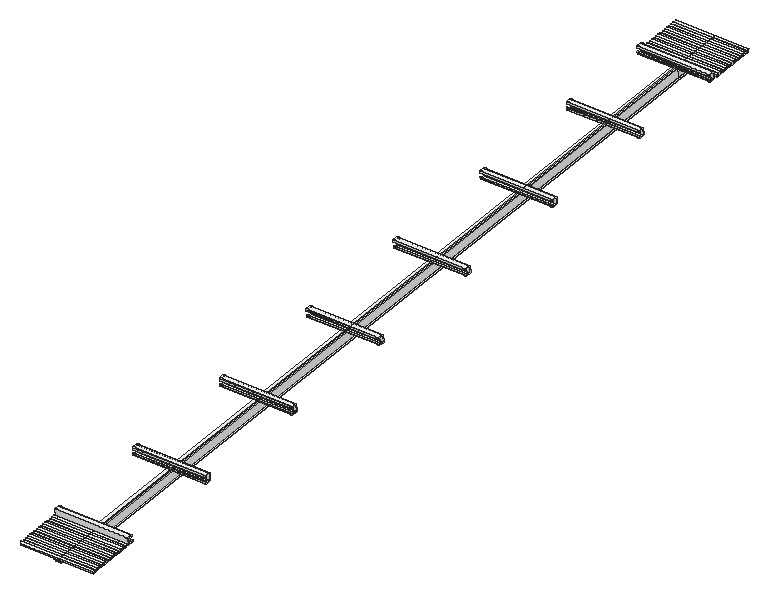
Revit family "STC_A3-Steel-I-beam-truss", category Generic Models, Revit 2016
Family settings
  Part Type = Undefined
  Can host rebar = No
  Round Connector Dimension = Use Diameter
  Work Plane-Based = No
  Always vertical = Yes
  Cut with Voids When Loaded = No
  Shared = No
  Room Calculation Point = No
Parameters (values of type "Steel I-beam truss")
  Tail Offset = 500 mm
  Nose Offset = 500 mm
  Batton Right = 400 mm
  Batton Left = 400 mm
  Assembly Code = ""
Types (2, lengths in mm): name | Batton Left
  Steel I-beam truss | 400
  Steel I-beam truss 2 | 200
Reference planes
  plane 1 "Center (Front/Back)": through (0, 3403.746, 5470.342) normal (0, 0.1305, -0.9914)
  plane 2: z = 0
  plane 3 "Center (Left/Right)": x = 0
  plane 4: through (-27.5, -3549.42, 4655.803) normal (0, 0.9914, 0.1305)
  plane 5 "Nose": through (-427.5, 4299.285, 7101.185) normal (0, 0.9914, 0.1305)
  plane 6 "Tail": through (-427.5, -3729.678, 6044.152) normal (0, 0.9914, 0.1305)
  plane 7: x = 0
  plane 8: through (-427.5, -4225.894, 5982.634) normal (0, 0.9914, 0.1305)
  plane 9: through (-427.5, 4795.007, 7166.448) normal (0, 0.9914, 0.1305)
  plane 10: x = 400
  plane 11: x = -400
  plane 12: through (-427.5, 2119.997, 6799.664) normal (0, 0.9914, 0.1305)
  plane 13: through (-427.5, 930.263, 6643.032) normal (0, 0.9914, 0.1305)
  plane 14: through (-427.5, -259.21, 6484.418) normal (0, 0.9914, 0.1305)
  plane 15: through (-427.5, -1449.204, 6329.77) normal (0, 0.9914, 0.1305)
  plane 16: through (-427.5, -2638.938, 6173.138) normal (0, 0.9914, 0.1305)
  plane 17: through (-427.5, 3309.731, 6956.295) normal (0, 0.9914, 0.1305)
Forms (mm)
  Extrusion 1, solid, material "Metal - Steel"
    sketch origin (0, 3403.746, 5470.342) x (1, 0, 0) y (0, -0.130526, 0.991445)
      loop
        line (-27.5, -60) -> (-27.5, -63) -> (27.5, -63) -> (27.5, -60) -> (4, -60)
        arc (4, -60) -> (2.232, -59.268) -> (1.5, -57.5) r 2.5
        line (1.5, -57.5) -> (1.5, 57.5)
        arc (1.5, 57.5) -> (2.232, 59.268) -> (4, 60) r 2.5
        line (4, 60) -> (27.5, 60) -> (27.5, 65) -> (-27.5, 65) -> (-27.5, 60) -> (-4, 60)
        arc (-4, 60) -> (-2.232, 59.268) -> (-1.5, 57.5) r 2.5
        line (-1.5, 57.5) -> (-1.5, -57.5)
        arc (-1.5, -57.5) -> (-2.232, -59.268) -> (-4, -60) r 2.5
        line (-4, -60) -> (-27.5, -60)
    from -1100.745 to 7000
  Extrusion 2, solid, material "Metal - Steel"
    sketch origin (0, 552.532, 556.142) x (0, 0.991445, 0.130526) y (0, -0.130526, 0.991445)
      loop
        line (4566.999, 4641.001) -> (4566.999, 4568.918)
        arc (4566.999, 4568.918) -> (4566.426, 4567.574) -> (4565.082, 4567.001) r 1.959
        line (4565.082, 4567.001) -> (4518.469, 4567.001)
        arc (4518.469, 4567.001) -> (4517.079, 4567.572) -> (4516.493, 4568.956) r 1.976
        line (4516.493, 4568.956) -> (4516.493, 4587.5) -> (4514.499, 4587.5) -> (4514.499, 4566.957)
        arc (4514.499, 4566.957) -> (4515.078, 4565.579) -> (4516.456, 4565) r 1.979
        line (4516.456, 4565) -> (4567.082, 4565)
        arc (4567.082, 4565) -> (4568.426, 4565.573) -> (4568.999, 4566.917) r 1.959
        line (4568.999, 4566.917) -> (4568.999, 4643.001)
        arc (4568.999, 4643.001) -> (4568.403, 4644.406) -> (4566.998, 4645.003) r 2.036
        line (4566.998, 4645.003) -> (4516.49, 4645.003)
        arc (4516.49, 4645.003) -> (4515.085, 4644.421) -> (4514.503, 4643.015) r 1.987
        line (4514.503, 4643.015) -> (4514.503, 4622.97) -> (4516.502, 4622.97) -> (4516.502, 4641.015)
        arc (4516.502, 4641.015) -> (4517.084, 4642.42) -> (4518.489, 4643.002) r 1.988
        line (4518.489, 4643.002) -> (4564.998, 4643.002)
        arc (4564.998, 4643.002) -> (4566.403, 4642.406) -> (4566.999, 4641.001) r 2.036
    from -400 to 400
  Extrusion 3, void
    sketch origin (0, -2883.965, -379.681) x (-1, 0, 0) y (0, -0.130526, 0.991445)
      loop
        line (4, 5039.264) -> (27.5, 5039.264) -> (27.5, 5044.264) -> (-27.5, 5044.264) -> (-27.5, 5039.264) -> (-4, 5039.264)
        arc (-4, 5039.264) -> (-2.232, 5038.532) -> (-1.5, 5036.764) r 2.5
        line (-1.5, 5036.764) -> (-1.5, 4921.764)
        arc (-1.5, 4921.764) -> (-2.232, 4919.996) -> (-4, 4919.264) r 2.5
        line (-4, 4919.264) -> (-27.5, 4919.264) -> (-27.5, 4916.264) -> (27.5, 4916.264) -> (27.5, 4919.264) -> (4, 4919.264)
        arc (4, 4919.264) -> (2.232, 4919.996) -> (1.5, 4921.764) r 2.5
        line (1.5, 4921.764) -> (1.5, 5036.764)
        arc (1.5, 5036.764) -> (2.232, 5038.532) -> (4, 5039.264) r 2.5
    from 0 to -413.71
  Extrusion 4, solid, material "Metal - Steel"
    sketch origin (0, -2883.965, -379.681) x (-1, 0, 0) y (0, -0.130526, 0.991445)
      loop
        line (4, 5039.264) -> (27.5, 5039.264) -> (27.5, 5044.264) -> (-27.5, 5044.264) -> (-27.5, 5039.264) -> (-4, 5039.264)
        arc (-4, 5039.264) -> (-2.232, 5038.532) -> (-1.5, 5036.764) r 2.5
        line (-1.5, 5036.764) -> (-1.5, 4921.764)
        arc (-1.5, 4921.764) -> (-2.232, 4919.996) -> (-4, 4919.264) r 2.5
        line (-4, 4919.264) -> (-27.5, 4919.264) -> (-27.5, 4916.264) -> (27.5, 4916.264) -> (27.5, 4919.264) -> (4, 4919.264)
        arc (4, 4919.264) -> (2.232, 4919.996) -> (1.5, 4921.764) r 2.5
        line (1.5, 4921.764) -> (1.5, 5036.764)
        arc (1.5, 5036.764) -> (2.232, 5038.532) -> (4, 5039.264) r 2.5
    from -500 to 0
  Extrusion 5, void
    sketch origin (0, 552.532, 556.142) x (0, 0.991445, 0.130526) y (0, -0.130526, 0.991445)
      loop
        line (-3687.224, 4401.031) -> (-3746.996, 4493.072) -> (-3966.277, 4493.072) -> (-4034.194, 4560) -> (-4166.746, 4560) -> (-4166.746, 4377.343) -> (-3687.224, 4401.031)
    from -290.85 to 250
  Extrusion 6, solid, material "Metal - Steel"
    sketch origin (0, 5144.998, 677.352) x (-1, 0, 0) y (0, -0.130526, 0.991445)
      loop
        arc (-4, 5039.264) -> (-2.232, 5038.532) -> (-1.5, 5036.764) r 2.5
        line (-1.5, 5036.764) -> (-1.5, 4921.764)
        arc (-1.5, 4921.764) -> (-2.232, 4919.996) -> (-4, 4919.264) r 2.5
        line (-4, 4919.264) -> (-27.5, 4919.264) -> (-27.5, 4916.264) -> (27.5, 4916.264) -> (27.5, 4919.264) -> (4, 4919.264)
        arc (4, 4919.264) -> (2.232, 4919.996) -> (1.5, 4921.764) r 2.5
        line (1.5, 4921.764) -> (1.5, 5036.764)
        arc (1.5, 5036.764) -> (2.232, 5038.532) -> (4, 5039.264) r 2.5
        line (4, 5039.264) -> (27.5, 5039.264) -> (27.5, 5044.264) -> (-27.5, 5044.264) -> (-27.5, 5039.264) -> (-4, 5039.264)
    from 0.001 to 500
  Extrusion 7, void
    sketch origin (0, 552.532, 556.142) x (0, 0.991445, 0.130526) y (0, -0.130526, 0.991445)
      loop
        line (4681.521, 4365.29) -> (4681.521, 4336.254) -> (5280.699, 4304.853) -> (5280.699, 4584.853) -> (5097.256, 4584.853) -> (5012.403, 4500) -> (4775.846, 4500) -> (4681.521, 4365.29)
    from -250 to 250
  Extrusion 8, solid, material "Metal - Steel"
    sketch origin (0, -24.786, -3.263) x (0, 1, 0) y (0, 0, 1)
      loop
        line (-4003.61, 4560.706) -> (-4000.636, 4561.097) -> (-4002.616, 4576.139) -> (-3992.285, 4589.603) -> (-3992.654, 4592.407) -> (-4005.568, 4575.577) -> (-4003.61, 4560.706)
      loop
        line (-3973.867, 4564.622) -> (-3970.892, 4565.013) -> (-3972.873, 4580.055) -> (-3962.542, 4593.519) -> (-3962.911, 4596.323) -> (-3975.825, 4579.493) -> (-3973.867, 4564.622)
      loop
        line (-3944.123, 4568.537) -> (-3941.149, 4568.929) -> (-3943.129, 4583.971) -> (-3932.798, 4597.434) -> (-3933.167, 4600.239) -> (-3946.081, 4583.409) -> (-3944.123, 4568.537)
      loop
        line (-3914.38, 4572.453) -> (-3911.406, 4572.845) -> (-3913.386, 4587.886) -> (-3903.055, 4601.35) -> (-3903.424, 4604.154) -> (-3916.338, 4587.325) -> (-3914.38, 4572.453)
      loop
        line (-3884.637, 4576.369) -> (-3881.662, 4576.76) -> (-3883.643, 4591.802) -> (-3873.312, 4605.266) -> (-3873.681, 4608.07) -> (-3886.595, 4591.241) -> (-3884.637, 4576.369)
      loop
        line (-3854.893, 4580.285) -> (-3851.919, 4580.676) -> (-3853.899, 4595.718) -> (-3843.568, 4609.182) -> (-3843.937, 4611.986) -> (-3856.851, 4595.156) -> (-3854.893, 4580.285)
      loop
        line (-3825.15, 4584.2) -> (-3822.176, 4584.592) -> (-3824.156, 4599.634) -> (-3813.825, 4613.097) -> (-3814.194, 4615.902) -> (-3827.108, 4599.072) -> (-3825.15, 4584.2)
      loop
        line (-3795.407, 4588.116) -> (-3792.432, 4588.508) -> (-3794.413, 4603.55) -> (-3784.082, 4617.013) -> (-3784.451, 4619.817) -> (-3797.365, 4602.988) -> (-3795.407, 4588.116)
      loop
        line (-3765.663, 4592.032) -> (-3762.689, 4592.424) -> (-3764.669, 4607.465) -> (-3754.338, 4620.929) -> (-3754.707, 4623.733) -> (-3767.621, 4606.904) -> (-3765.663, 4592.032)
      loop
        line (-3735.92, 4595.948) -> (-3732.946, 4596.339) -> (-3734.926, 4611.381) -> (-3724.595, 4624.845) -> (-3724.964, 4627.649) -> (-3737.878, 4610.819) -> (-3735.92, 4595.948)
      loop
        line (-3706.177, 4599.864) -> (-3703.202, 4600.255) -> (-3705.183, 4615.297) -> (-3694.852, 4628.761) -> (-3695.221, 4631.565) -> (-3708.134, 4614.735) -> (-3706.177, 4599.864)
      loop
        line (-3676.433, 4603.779) -> (-3673.459, 4604.171) -> (-3675.439, 4619.213) -> (-3665.108, 4632.676) -> (-3665.477, 4635.481) -> (-3678.391, 4618.651) -> (-3676.433, 4603.779)
      loop
        line (-3646.69, 4607.695) -> (-3643.716, 4608.087) -> (-3645.696, 4623.129) -> (-3635.365, 4636.592) -> (-3635.734, 4639.396) -> (-3648.648, 4622.567) -> (-3646.69, 4607.695)
      loop
        line (-3616.947, 4611.611) -> (-3613.972, 4612.003) -> (-3615.953, 4627.044) -> (-3605.621, 4640.508) -> (-3605.991, 4643.312) -> (-3618.904, 4626.483) -> (-3616.947, 4611.611)
      loop
        line (-3587.203, 4615.527) -> (-3584.229, 4615.918) -> (-3586.209, 4630.96) -> (-3575.878, 4644.424) -> (-3576.247, 4647.228) -> (-3589.161, 4630.398) -> (-3587.203, 4615.527)
      loop
        line (-3557.46, 4619.443) -> (-3554.486, 4619.834) -> (-3556.466, 4634.876) -> (-3546.135, 4648.34) -> (-3546.504, 4651.144) -> (-3559.418, 4634.314) -> (-3557.46, 4619.443)
    from -400 to 400
  Extrusion 9, solid, material "Metal - Steel"
    sketch origin (0, -510.276, 416.055) x (0, 0.991445, 0.130526) y (0, -0.130526, 0.991445)
      loop
        line (3466.254, 4641.001) -> (3466.254, 4568.918)
        arc (3466.254, 4568.918) -> (3465.681, 4567.574) -> (3464.337, 4567.001) r 1.959
        line (3464.337, 4567.001) -> (3417.724, 4567.001)
        arc (3417.724, 4567.001) -> (3416.335, 4567.572) -> (3415.749, 4568.956) r 1.976
        line (3415.749, 4568.956) -> (3415.749, 4587.5) -> (3413.754, 4587.5) -> (3413.754, 4566.957)
        arc (3413.754, 4566.957) -> (3414.333, 4565.579) -> (3415.711, 4565) r 1.979
        line (3415.711, 4565) -> (3466.337, 4565)
        arc (3466.337, 4565) -> (3467.681, 4565.573) -> (3468.255, 4566.917) r 1.959
        line (3468.255, 4566.917) -> (3468.255, 4643.001)
        arc (3468.255, 4643.001) -> (3467.659, 4644.406) -> (3466.254, 4645.003) r 2.036
        line (3466.254, 4645.003) -> (3415.746, 4645.003)
        arc (3415.746, 4645.003) -> (3414.34, 4644.421) -> (3413.758, 4643.015) r 1.987
        line (3413.758, 4643.015) -> (3413.758, 4622.97) -> (3415.757, 4622.97) -> (3415.757, 4641.015)
        arc (3415.757, 4641.015) -> (3416.339, 4642.42) -> (3417.745, 4643.002) r 1.988
        line (3417.745, 4643.002) -> (3464.254, 4643.002)
        arc (3464.254, 4643.002) -> (3465.659, 4642.406) -> (3466.254, 4641.001) r 2.036
    from -400 to 400
  Extrusion 10, solid, material "Metal - Steel"
    sketch origin (0, -1700.032, 259.586) x (0, 0.991445, 0.130526) y (0, -0.130526, 0.991445)
      loop
        line (3466.254, 4641.001) -> (3466.254, 4568.918)
        arc (3466.254, 4568.918) -> (3465.681, 4567.574) -> (3464.337, 4567.001) r 1.959
        line (3464.337, 4567.001) -> (3417.724, 4567.001)
        arc (3417.724, 4567.001) -> (3416.335, 4567.572) -> (3415.749, 4568.956) r 1.976
        line (3415.749, 4568.956) -> (3415.749, 4587.5) -> (3413.754, 4587.5) -> (3413.754, 4566.957)
        arc (3413.754, 4566.957) -> (3414.333, 4565.579) -> (3415.711, 4565) r 1.979
        line (3415.711, 4565) -> (3466.337, 4565)
        arc (3466.337, 4565) -> (3467.681, 4565.573) -> (3468.255, 4566.917) r 1.959
        line (3468.255, 4566.917) -> (3468.255, 4643.001)
        arc (3468.255, 4643.001) -> (3467.659, 4644.406) -> (3466.254, 4645.003) r 2.036
        line (3466.254, 4645.003) -> (3415.746, 4645.003)
        arc (3415.746, 4645.003) -> (3414.34, 4644.421) -> (3413.758, 4643.015) r 1.987
        line (3413.758, 4643.015) -> (3413.758, 4622.97) -> (3415.757, 4622.97) -> (3415.757, 4641.015)
        arc (3415.757, 4641.015) -> (3416.339, 4642.42) -> (3417.745, 4643.002) r 1.988
        line (3417.745, 4643.002) -> (3464.254, 4643.002)
        arc (3464.254, 4643.002) -> (3465.659, 4642.406) -> (3466.254, 4641.001) r 2.036
    from -400 to 400
  Extrusion 11, solid, material "Metal - Steel"
    sketch origin (0, -2889.766, 102.955) x (0, 0.991445, 0.130526) y (0, -0.130526, 0.991445)
      loop
        line (3466.254, 4641.001) -> (3466.254, 4568.918)
        arc (3466.254, 4568.918) -> (3465.681, 4567.574) -> (3464.337, 4567.001) r 1.959
        line (3464.337, 4567.001) -> (3417.724, 4567.001)
        arc (3417.724, 4567.001) -> (3416.335, 4567.572) -> (3415.749, 4568.956) r 1.976
        line (3415.749, 4568.956) -> (3415.749, 4587.5) -> (3413.754, 4587.5) -> (3413.754, 4566.957)
        arc (3413.754, 4566.957) -> (3414.333, 4565.579) -> (3415.711, 4565) r 1.979
        line (3415.711, 4565) -> (3466.337, 4565)
        arc (3466.337, 4565) -> (3467.681, 4565.573) -> (3468.255, 4566.917) r 1.959
        line (3468.255, 4566.917) -> (3468.255, 4643.001)
        arc (3468.255, 4643.001) -> (3467.659, 4644.406) -> (3466.254, 4645.003) r 2.036
        line (3466.254, 4645.003) -> (3415.746, 4645.003)
        arc (3415.746, 4645.003) -> (3414.34, 4644.421) -> (3413.758, 4643.015) r 1.987
        line (3413.758, 4643.015) -> (3413.758, 4622.97) -> (3415.757, 4622.97) -> (3415.757, 4641.015)
        arc (3415.757, 4641.015) -> (3416.339, 4642.42) -> (3417.745, 4643.002) r 1.988
        line (3417.745, 4643.002) -> (3464.254, 4643.002)
        arc (3464.254, 4643.002) -> (3465.659, 4642.406) -> (3466.254, 4641.001) r 2.036
    from -400 to 400
  Extrusion 12, solid, material "Metal - Steel"
    sketch origin (0, -4079.499, -53.676) x (0, 0.991445, 0.130526) y (0, -0.130526, 0.991445)
      loop
        line (3466.254, 4641.001) -> (3466.254, 4568.918)
        arc (3466.254, 4568.918) -> (3465.681, 4567.574) -> (3464.337, 4567.001) r 1.959
        line (3464.337, 4567.001) -> (3417.724, 4567.001)
        arc (3417.724, 4567.001) -> (3416.335, 4567.572) -> (3415.749, 4568.956) r 1.976
        line (3415.749, 4568.956) -> (3415.749, 4587.5) -> (3413.754, 4587.5) -> (3413.754, 4566.957)
        arc (3413.754, 4566.957) -> (3414.333, 4565.579) -> (3415.711, 4565) r 1.979
        line (3415.711, 4565) -> (3466.337, 4565)
        arc (3466.337, 4565) -> (3467.681, 4565.573) -> (3468.255, 4566.917) r 1.959
        line (3468.255, 4566.917) -> (3468.255, 4643.001)
        arc (3468.255, 4643.001) -> (3467.659, 4644.406) -> (3466.254, 4645.003) r 2.036
        line (3466.254, 4645.003) -> (3415.746, 4645.003)
        arc (3415.746, 4645.003) -> (3414.34, 4644.421) -> (3413.758, 4643.015) r 1.987
        line (3413.758, 4643.015) -> (3413.758, 4622.97) -> (3415.757, 4622.97) -> (3415.757, 4641.015)
        arc (3415.757, 4641.015) -> (3416.339, 4642.42) -> (3417.745, 4643.002) r 1.988
        line (3417.745, 4643.002) -> (3464.254, 4643.002)
        arc (3464.254, 4643.002) -> (3465.659, 4642.406) -> (3466.254, 4641.001) r 2.036
    from -400 to 400
  Extrusion 13, solid, material "Metal - Steel"
    sketch origin (0, -5269.233, -210.308) x (0, 0.991445, 0.130526) y (0, -0.130526, 0.991445)
      loop
        line (3466.254, 4641.001) -> (3466.254, 4568.918)
        arc (3466.254, 4568.918) -> (3465.681, 4567.574) -> (3464.337, 4567.001) r 1.959
        line (3464.337, 4567.001) -> (3417.724, 4567.001)
        arc (3417.724, 4567.001) -> (3416.335, 4567.572) -> (3415.749, 4568.956) r 1.976
        line (3415.749, 4568.956) -> (3415.749, 4587.5) -> (3413.754, 4587.5) -> (3413.754, 4566.957)
        arc (3413.754, 4566.957) -> (3414.333, 4565.579) -> (3415.711, 4565) r 1.979
        line (3415.711, 4565) -> (3466.337, 4565)
        arc (3466.337, 4565) -> (3467.681, 4565.573) -> (3468.255, 4566.917) r 1.959
        line (3468.255, 4566.917) -> (3468.255, 4643.001)
        arc (3468.255, 4643.001) -> (3467.659, 4644.406) -> (3466.254, 4645.003) r 2.036
        line (3466.254, 4645.003) -> (3415.746, 4645.003)
        arc (3415.746, 4645.003) -> (3414.34, 4644.421) -> (3413.758, 4643.015) r 1.987
        line (3413.758, 4643.015) -> (3413.758, 4622.97) -> (3415.757, 4622.97) -> (3415.757, 4641.015)
        arc (3415.757, 4641.015) -> (3416.339, 4642.42) -> (3417.745, 4643.002) r 1.988
        line (3417.745, 4643.002) -> (3464.254, 4643.002)
        arc (3464.254, 4643.002) -> (3465.659, 4642.406) -> (3466.254, 4641.001) r 2.036
    from -400 to 400
  Extrusion 14, solid, material "Metal - Steel"
    sketch origin (0, -10.31, 144.809) x (0, 1, 0) y (0, 0, 1)
      loop
        line (4535.249, 5538.702) -> (4538.223, 5539.093) -> (4536.243, 5554.135) -> (4546.574, 5567.599) -> (4546.205, 5570.403) -> (4533.291, 5553.573) -> (4535.249, 5538.702)
      loop
        line (4564.992, 5542.617) -> (4567.967, 5543.009) -> (4565.986, 5558.051) -> (4576.317, 5571.514) -> (4575.948, 5574.319) -> (4563.034, 5557.489) -> (4564.992, 5542.617)
      loop
        line (4594.736, 5546.533) -> (4597.71, 5546.925) -> (4595.73, 5561.967) -> (4606.061, 5575.43) -> (4605.691, 5578.234) -> (4592.778, 5561.405) -> (4594.736, 5546.533)
      loop
        line (4624.479, 5550.449) -> (4627.453, 5550.841) -> (4625.473, 5565.882) -> (4635.804, 5579.346) -> (4635.435, 5582.15) -> (4622.521, 5565.321) -> (4624.479, 5550.449)
      loop
        line (4654.222, 5554.365) -> (4657.197, 5554.756) -> (4655.216, 5569.798) -> (4665.547, 5583.262) -> (4665.178, 5586.066) -> (4652.264, 5569.236) -> (4654.222, 5554.365)
      loop
        line (4683.966, 5558.281) -> (4686.94, 5558.672) -> (4684.96, 5573.714) -> (4695.291, 5587.178) -> (4694.922, 5589.982) -> (4682.008, 5573.152) -> (4683.966, 5558.281)
      loop
        line (4713.709, 5562.196) -> (4716.683, 5562.588) -> (4714.703, 5577.63) -> (4725.034, 5591.093) -> (4724.665, 5593.898) -> (4711.751, 5577.068) -> (4713.709, 5562.196)
      loop
        line (4743.452, 5566.112) -> (4746.427, 5566.504) -> (4744.446, 5581.545) -> (4754.777, 5595.009) -> (4754.408, 5597.813) -> (4741.494, 5580.984) -> (4743.452, 5566.112)
      loop
        line (4773.196, 5570.028) -> (4776.17, 5570.419) -> (4774.19, 5585.461) -> (4784.521, 5598.925) -> (4784.152, 5601.729) -> (4771.238, 5584.9) -> (4773.196, 5570.028)
      loop
        line (4802.939, 5573.944) -> (4805.913, 5574.335) -> (4803.933, 5589.377) -> (4814.264, 5602.841) -> (4813.895, 5605.645) -> (4800.981, 5588.815) -> (4802.939, 5573.944)
      loop
        line (4832.682, 5577.859) -> (4835.657, 5578.251) -> (4833.676, 5593.293) -> (4844.007, 5606.756) -> (4843.638, 5609.561) -> (4830.724, 5592.731) -> (4832.682, 5577.859)
      loop
        line (4862.426, 5581.775) -> (4865.4, 5582.167) -> (4863.42, 5597.209) -> (4873.751, 5610.672) -> (4873.382, 5613.476) -> (4860.468, 5596.647) -> (4862.426, 5581.775)
      loop
        line (4892.169, 5585.691) -> (4895.143, 5586.083) -> (4893.163, 5601.124) -> (4903.494, 5614.588) -> (4903.125, 5617.392) -> (4890.211, 5600.563) -> (4892.169, 5585.691)
      loop
        line (4921.912, 5589.607) -> (4924.887, 5589.998) -> (4922.906, 5605.04) -> (4933.237, 5618.504) -> (4932.868, 5621.308) -> (4919.955, 5604.478) -> (4921.912, 5589.607)
      loop
        line (4951.656, 5593.523) -> (4954.63, 5593.914) -> (4952.65, 5608.956) -> (4962.981, 5622.42) -> (4962.612, 5625.224) -> (4949.698, 5608.394) -> (4951.656, 5593.523)
    from -400 to 400
  Extrusion 15, solid, material "Metal - Steel"
    sketch origin (0, 492.07, 548.116) x (0, -0.991445, -0.130526) y (0, 0.130526, -0.991445)
      loop
        arc (3466.254, -4641.001) -> (3465.659, -4642.406) -> (3464.254, -4643.002) r 2.036
        line (3464.254, -4643.002) -> (3417.745, -4643.002)
        arc (3417.745, -4643.002) -> (3416.339, -4642.42) -> (3415.757, -4641.015) r 1.988
        line (3415.757, -4641.015) -> (3415.757, -4622.97) -> (3413.758, -4622.97) -> (3413.758, -4643.015)
        arc (3413.758, -4643.015) -> (3414.34, -4644.421) -> (3415.746, -4645.003) r 1.987
        line (3415.746, -4645.003) -> (3466.254, -4645.003)
        arc (3466.254, -4645.003) -> (3467.659, -4644.406) -> (3468.255, -4643.001) r 2.036
        line (3468.255, -4643.001) -> (3468.255, -4566.917)
        arc (3468.255, -4566.917) -> (3467.681, -4565.573) -> (3466.337, -4565) r 1.959
        line (3466.337, -4565) -> (3415.711, -4565)
        arc (3415.711, -4565) -> (3414.333, -4565.579) -> (3413.754, -4566.957) r 1.979
        line (3413.754, -4566.957) -> (3413.754, -4587.5) -> (3415.749, -4587.5) -> (3415.749, -4568.956)
        arc (3415.749, -4568.956) -> (3416.335, -4567.572) -> (3417.724, -4567.001) r 1.976
        line (3417.724, -4567.001) -> (3464.337, -4567.001)
        arc (3464.337, -4567.001) -> (3465.681, -4567.574) -> (3466.254, -4568.918) r 1.959
        line (3466.254, -4568.918) -> (3466.254, -4641.001)
    from -400 to 400
  Extrusion 16, solid, material "Metal - Steel"
    sketch origin (0, 679.457, 572.686) x (0, 0.991445, 0.130526) y (0, -0.130526, 0.991445)
      loop
        line (3466.254, 4641.001) -> (3466.254, 4568.918)
        arc (3466.254, 4568.918) -> (3465.681, 4567.574) -> (3464.337, 4567.001) r 1.959
        line (3464.337, 4567.001) -> (3417.724, 4567.001)
        arc (3417.724, 4567.001) -> (3416.335, 4567.572) -> (3415.749, 4568.956) r 1.976
        line (3415.749, 4568.956) -> (3415.749, 4587.5) -> (3413.754, 4587.5) -> (3413.754, 4566.957)
        arc (3413.754, 4566.957) -> (3414.333, 4565.579) -> (3415.711, 4565) r 1.979
        line (3415.711, 4565) -> (3466.337, 4565)
        arc (3466.337, 4565) -> (3467.681, 4565.573) -> (3468.255, 4566.917) r 1.959
        line (3468.255, 4566.917) -> (3468.255, 4643.001)
        arc (3468.255, 4643.001) -> (3467.659, 4644.406) -> (3466.254, 4645.003) r 2.036
        line (3466.254, 4645.003) -> (3415.746, 4645.003)
        arc (3415.746, 4645.003) -> (3414.34, 4644.421) -> (3413.758, 4643.015) r 1.987
        line (3413.758, 4643.015) -> (3413.758, 4622.97) -> (3415.757, 4622.97) -> (3415.757, 4641.015)
        arc (3415.757, 4641.015) -> (3416.339, 4642.42) -> (3417.745, 4643.002) r 1.988
        line (3417.745, 4643.002) -> (3464.254, 4643.002)
        arc (3464.254, 4643.002) -> (3465.659, 4642.406) -> (3466.254, 4641.001) r 2.036
    from -400 to 400
Cuts and joins
  Extrusion 3 cuts Extrusion 1
  Extrusion 5 cuts Extrusion 4
  Extrusion 7 cuts Extrusion 6
Dimensions and locks
  "Nose Offset": plane 5 "Nose" to plane 9
  "Tail Offset": plane 8 to plane 6 "Tail"
  "Batton Left": plane 11 to plane 7
  "Batton Right": plane 7 to plane 10
  plane 12 to plane 13 to plane 14 to plane 15 to plane 16 to plane 6 "Tail" = 1200 mm, 1200 mm, 1200 mm, 1200 mm, 1098.245 mm
  plane 5 "Nose" to plane 12 = 2200 mm
  plane 5 "Nose" to plane 17 to plane 12 = 1000 mm, 1200 mm
  aligned and locked: plane 6 "Tail" to Extrusion 4
  aligned and locked: Extrusion 4 to plane 8
  aligned and locked: plane 9 to Extrusion 6
  aligned and locked: plane 10 to Extrusion 2
  aligned and locked: Extrusion 2 to plane 11
  aligned and locked: Extrusion 9 to Extrusion 2
  aligned and locked: Extrusion 9 to plane 11
  aligned and locked: plane 10 to Extrusion 10
  aligned and locked: Extrusion 10 to plane 11
  aligned and locked: Extrusion 11 to plane 11
  aligned and locked: plane 10 to Extrusion 11
  aligned and locked: plane 10 to Extrusion 12
  aligned and locked: Extrusion 12 to plane 11
  aligned and locked: Extrusion 2 to Extrusion 14
  aligned and locked: Extrusion 14 to Extrusion 2
  aligned and locked: plane 10 to Extrusion 13
  aligned and locked: Extrusion 13 to plane 11
  aligned and locked: Extrusion 15 to plane 11
  aligned and locked: plane 10 to Extrusion 15
  aligned and locked: plane 10 to Extrusion 8
  aligned and locked: Extrusion 16 to Extrusion 2
Automatic sketch dimensions
  Extrusion 1 sketch curve to plane 3 "Center (Left/Right)" = 27.5 mm  (x2)
  Extrusion 1 sketch curve to plane 3 "Center (Left/Right)" = 4 mm  (x2)
  Extrusion 1 sketch curve to plane 3 "Center (Left/Right)" = 1.5 mm
  plane 3 "Center (Left/Right)" to Extrusion 1 sketch curve = 1.5 mm
  Extrusion 1 sketch curve to Extrusion 1 sketch curve = 2.5 mm  (x2)
  Extrusion 1 sketch curve to Extrusion 1 sketch curve = 23.5 mm  (x2)
  plane 1 "Center (Front/Back)" to Extrusion 1 sketch curve = 63 mm
  Extrusion 1 sketch curve to Extrusion 1 sketch curve = 3 mm  (x2)
  Extrusion 1 sketch curve to plane 1 "Center (Front/Back)" = 57.5 mm
  Extrusion 1 sketch curve to Extrusion 1 sketch curve = 0 mm  (x2)
  Extrusion 1 sketch curve to Extrusion 1 sketch curve = 5 mm
  Extrusion 2 sketch curve to plane 5 "Nose" = 54.5 mm
  Extrusion 2 sketch curve to plane 5 "Nose" = 54.496 mm
  Extrusion 2 sketch curve to Extrusion 2 sketch curve = 1.957 mm  (x2)
  Extrusion 2 sketch curve to Extrusion 2 sketch curve = 1.979 mm
  Extrusion 2 sketch curve to Extrusion 2 sketch curve = 1.987 mm
  Extrusion 2 sketch curve to Extrusion 2 sketch curve = 1.995 mm
  Extrusion 2 sketch curve to Extrusion 2 sketch curve = 1.999 mm
  Extrusion 2 sketch curve to Extrusion 2 sketch curve = 1.992 mm
  Extrusion 2 sketch curve to Extrusion 2 sketch curve = 1.988 mm
  Extrusion 2 sketch curve to plane 5 "Nose" = 4.036 mm
  Extrusion 2 sketch curve to Extrusion 2 sketch curve = 0.035 mm
  Extrusion 2 sketch curve to plane 5 "Nose" = 3.958 mm
  Extrusion 2 sketch curve to Extrusion 2 sketch curve = 0.041 mm
  Extrusion 2 sketch curve to Extrusion 2 sketch curve = 1.965 mm
  Extrusion 2 sketch curve to plane 5 "Nose" = 2 mm
  Extrusion 2 sketch curve to Extrusion 2 sketch curve = 1.958 mm
  Extrusion 2 sketch curve to plane 5 "Nose" = 1.958 mm
  Extrusion 2 sketch curve to plane 5 "Nose" = 1.917 mm
  plane 5 "Nose" to Extrusion 2 sketch curve = 0.001 mm
  Extrusion 2 sketch curve to plane 1 "Center (Front/Back)" = 65 mm
  Extrusion 2 sketch curve to Extrusion 2 sketch curve = 1.917 mm
  Extrusion 2 sketch curve to Extrusion 2 sketch curve = 0.042 mm
  Extrusion 2 sketch curve to Extrusion 2 sketch curve = 1.959 mm
  Extrusion 2 sketch curve to Extrusion 2 sketch curve = 1.978 mm
  Extrusion 2 sketch curve to Extrusion 2 sketch curve = 18.544 mm
  Extrusion 2 sketch curve to Extrusion 2 sketch curve = 35.47 mm
  Extrusion 2 sketch curve to Extrusion 2 sketch curve = 17.997 mm
  Extrusion 2 sketch curve to Extrusion 2 sketch curve = 0.034 mm  (x2)
  Extrusion 2 sketch curve to Extrusion 2 sketch curve = 0.036 mm
  plane 3 "Center (Left/Right)" to Extrusion 3 sketch curve = 27.5 mm  (x2)
  plane 3 "Center (Left/Right)" to Extrusion 3 sketch curve = 4 mm  (x2)
  plane 3 "Center (Left/Right)" to Extrusion 3 sketch curve = 1.5 mm
  Extrusion 3 sketch curve to plane 3 "Center (Left/Right)" = 1.5 mm
  Extrusion 3 sketch curve to Extrusion 3 sketch curve = 2.5 mm  (x2)
  Extrusion 3 sketch curve to Extrusion 3 sketch curve = 23.5 mm  (x2)
  plane 1 "Center (Front/Back)" to Extrusion 3 sketch curve = 63 mm
  Extrusion 3 sketch curve to Extrusion 3 sketch curve = 3 mm  (x2)
  Extrusion 3 sketch curve to plane 1 "Center (Front/Back)" = 57.5 mm
  Extrusion 3 sketch curve to Extrusion 3 sketch curve = 0 mm
  Extrusion 3 sketch curve to Extrusion 3 sketch curve = 5 mm
  plane 3 "Center (Left/Right)" to Extrusion 4 sketch curve = 27.5 mm  (x2)
  plane 3 "Center (Left/Right)" to Extrusion 4 sketch curve = 4 mm  (x2)
  plane 3 "Center (Left/Right)" to Extrusion 4 sketch curve = 1.5 mm
  Extrusion 4 sketch curve to plane 3 "Center (Left/Right)" = 1.5 mm
  Extrusion 4 sketch curve to Extrusion 4 sketch curve = 2.5 mm  (x2)
  Extrusion 4 sketch curve to Extrusion 4 sketch curve = 23.5 mm  (x2)
  plane 1 "Center (Front/Back)" to Extrusion 4 sketch curve = 63 mm
  Extrusion 4 sketch curve to Extrusion 4 sketch curve = 3 mm  (x2)
  Extrusion 4 sketch curve to plane 1 "Center (Front/Back)" = 57.5 mm
  Extrusion 4 sketch curve to Extrusion 4 sketch curve = 0 mm
  Extrusion 4 sketch curve to Extrusion 4 sketch curve = 5 mm
  Extrusion 5 sketch curve to plane 8 = 137.5 mm
  Extrusion 5 sketch curve to plane 8 = 4.948 mm
  plane 1 "Center (Front/Back)" to Extrusion 5 sketch curve = 6.928 mm
  plane 8 to Extrusion 5 sketch curve = 62.969 mm
  Extrusion 5 sketch curve to plane 4 = 215.25 mm
  Extrusion 5 sketch curve to Extrusion 5 sketch curve = 59.772 mm
  plane 1 "Center (Front/Back)" to Extrusion 5 sketch curve = 98.969 mm
  plane 1 "Center (Front/Back)" to Extrusion 5 sketch curve = 122.657 mm
  Extrusion 5 sketch curve to plane 1 "Center (Front/Back)" = 60 mm
  plane 3 "Center (Left/Right)" to Extrusion 6 sketch curve = 27.5 mm  (x2)
  plane 3 "Center (Left/Right)" to Extrusion 6 sketch curve = 4 mm  (x2)
  plane 3 "Center (Left/Right)" to Extrusion 6 sketch curve = 1.5 mm
  Extrusion 6 sketch curve to plane 3 "Center (Left/Right)" = 1.5 mm
  Extrusion 6 sketch curve to Extrusion 6 sketch curve = 2.5 mm  (x2)
  Extrusion 6 sketch curve to Extrusion 6 sketch curve = 23.5 mm  (x2)
  plane 1 "Center (Front/Back)" to Extrusion 6 sketch curve = 63 mm
  Extrusion 6 sketch curve to Extrusion 6 sketch curve = 3 mm  (x2)
  Extrusion 6 sketch curve to plane 1 "Center (Front/Back)" = 57.5 mm
  Extrusion 6 sketch curve to Extrusion 6 sketch curve = 0 mm
  Extrusion 6 sketch curve to Extrusion 6 sketch curve = 5 mm
  Extrusion 7 sketch curve to plane 1 "Center (Front/Back)" = 0 mm
  plane 5 "Nose" to Extrusion 7 sketch curve = 112.523 mm
  Extrusion 7 sketch curve to Extrusion 7 sketch curve = 94.325 mm
  Extrusion 7 sketch curve to plane 9 = 56.595 mm
  plane 9 to Extrusion 7 sketch curve = 28.258 mm
  plane 9 to Extrusion 7 sketch curve = 211.7 mm
  plane 1 "Center (Front/Back)" to Extrusion 7 sketch curve = 134.71 mm
  Extrusion 7 sketch curve to Extrusion 7 sketch curve = 29.036 mm
  plane 1 "Center (Front/Back)" to Extrusion 7 sketch curve = 195.147 mm
  Extrusion 7 sketch curve to plane 1 "Center (Front/Back)" = 84.853 mm
  level to Extrusion 8 sketch curve = 4572.314 mm
  plane 8 to Extrusion 8 sketch curve = 9.783 mm
  level to Extrusion 8 sketch curve = 4557.443 mm
  Extrusion 8 sketch curve to Extrusion 8 sketch curve = 1.958 mm  (x16)
  level to Extrusion 8 sketch curve = 4572.876 mm
  Extrusion 8 sketch curve to Extrusion 8 sketch curve = 2.952 mm  (x16)
  level to Extrusion 8 sketch curve = 4589.144 mm
  Extrusion 8 sketch curve to Extrusion 8 sketch curve = 9.962 mm  (x16)
  level to Extrusion 8 sketch curve = 4586.34 mm
  Extrusion 8 sketch curve to Extrusion 8 sketch curve = 0.369 mm  (x16)
  level to Extrusion 8 sketch curve = 4576.23 mm
  Extrusion 8 sketch curve to Extrusion 8 sketch curve = 16.46 mm  (x15)
  level to Extrusion 8 sketch curve = 4561.358 mm
  level to Extrusion 8 sketch curve = 4576.792 mm
  level to Extrusion 8 sketch curve = 4593.06 mm
  level to Extrusion 8 sketch curve = 4590.255 mm
  level to Extrusion 8 sketch curve = 4580.146 mm
  level to Extrusion 8 sketch curve = 4565.274 mm
  level to Extrusion 8 sketch curve = 4580.708 mm
  level to Extrusion 8 sketch curve = 4596.975 mm
  level to Extrusion 8 sketch curve = 4594.171 mm
  level to Extrusion 8 sketch curve = 4584.062 mm
  level to Extrusion 8 sketch curve = 4569.19 mm
  level to Extrusion 8 sketch curve = 4584.623 mm
  level to Extrusion 8 sketch curve = 4600.891 mm
  level to Extrusion 8 sketch curve = 4598.087 mm
  level to Extrusion 8 sketch curve = 4587.977 mm
  level to Extrusion 8 sketch curve = 4573.106 mm
  level to Extrusion 8 sketch curve = 4588.539 mm
  level to Extrusion 8 sketch curve = 4604.807 mm
  level to Extrusion 8 sketch curve = 4602.003 mm
  level to Extrusion 8 sketch curve = 4591.893 mm
  level to Extrusion 8 sketch curve = 4577.022 mm
  level to Extrusion 8 sketch curve = 4592.455 mm
  level to Extrusion 8 sketch curve = 4608.723 mm
  level to Extrusion 8 sketch curve = 4605.919 mm
  level to Extrusion 8 sketch curve = 4595.809 mm
  level to Extrusion 8 sketch curve = 4580.937 mm
  level to Extrusion 8 sketch curve = 4596.371 mm
  level to Extrusion 8 sketch curve = 4612.639 mm
  level to Extrusion 8 sketch curve = 4609.834 mm
  level to Extrusion 8 sketch curve = 4599.725 mm
  level to Extrusion 8 sketch curve = 4584.853 mm
  level to Extrusion 8 sketch curve = 4600.286 mm
  level to Extrusion 8 sketch curve = 4616.554 mm
  level to Extrusion 8 sketch curve = 4613.75 mm
  level to Extrusion 8 sketch curve = 4603.641 mm
  level to Extrusion 8 sketch curve = 4588.769 mm
  level to Extrusion 8 sketch curve = 4604.202 mm
  level to Extrusion 8 sketch curve = 4620.47 mm
  level to Extrusion 8 sketch curve = 4617.666 mm
  level to Extrusion 8 sketch curve = 4607.556 mm
  level to Extrusion 8 sketch curve = 4592.685 mm
  level to Extrusion 8 sketch curve = 4608.118 mm
  level to Extrusion 8 sketch curve = 4624.386 mm
  level to Extrusion 8 sketch curve = 4621.582 mm
  level to Extrusion 8 sketch curve = 4611.472 mm
  level to Extrusion 8 sketch curve = 4596.6 mm
  level to Extrusion 8 sketch curve = 4612.034 mm
  level to Extrusion 8 sketch curve = 4628.302 mm
  level to Extrusion 8 sketch curve = 4625.497 mm
  level to Extrusion 8 sketch curve = 4615.388 mm
  level to Extrusion 8 sketch curve = 4600.516 mm
  level to Extrusion 8 sketch curve = 4615.95 mm
  level to Extrusion 8 sketch curve = 4632.217 mm
  level to Extrusion 8 sketch curve = 4629.413 mm
  level to Extrusion 8 sketch curve = 4619.304 mm
  level to Extrusion 8 sketch curve = 4604.432 mm
  level to Extrusion 8 sketch curve = 4619.865 mm
  level to Extrusion 8 sketch curve = 4636.133 mm
  level to Extrusion 8 sketch curve = 4633.329 mm
  level to Extrusion 8 sketch curve = 4623.219 mm
  level to Extrusion 8 sketch curve = 4608.348 mm
  level to Extrusion 8 sketch curve = 4623.781 mm
  level to Extrusion 8 sketch curve = 4640.049 mm
  level to Extrusion 8 sketch curve = 4637.245 mm
  level to Extrusion 8 sketch curve = 4627.135 mm
  level to Extrusion 8 sketch curve = 4612.264 mm
  level to Extrusion 8 sketch curve = 4627.697 mm
  level to Extrusion 8 sketch curve = 4643.965 mm
  level to Extrusion 8 sketch curve = 4641.161 mm
  level to Extrusion 8 sketch curve = 4631.051 mm
  level to Extrusion 8 sketch curve = 4616.179 mm
  level to Extrusion 8 sketch curve = 4631.613 mm
  level to Extrusion 8 sketch curve = 4647.881 mm
  level to Extrusion 8 sketch curve = 4645.076 mm
  Extrusion 9 sketch curve to plane 12 = 27.245 mm
  Extrusion 9 sketch curve to plane 12 = 27.241 mm
  Extrusion 9 sketch curve to Extrusion 9 sketch curve = 1.957 mm  (x2)
  Extrusion 9 sketch curve to Extrusion 9 sketch curve = 0.021 mm
  Extrusion 9 sketch curve to Extrusion 9 sketch curve = 1.987 mm
  Extrusion 9 sketch curve to Extrusion 9 sketch curve = 1.995 mm
  Extrusion 9 sketch curve to Extrusion 9 sketch curve = 1.999 mm
  Extrusion 9 sketch curve to Extrusion 9 sketch curve = 1.992 mm
  Extrusion 9 sketch curve to Extrusion 9 sketch curve = 1.988 mm
  plane 12 to Extrusion 9 sketch curve = 23.219 mm
  Extrusion 9 sketch curve to Extrusion 9 sketch curve = 0.035 mm  (x2)
  plane 12 to Extrusion 9 sketch curve = 23.297 mm
  Extrusion 9 sketch curve to Extrusion 9 sketch curve = 0.041 mm  (x2)
  Extrusion 9 sketch curve to Extrusion 9 sketch curve = 1.965 mm
  Extrusion 9 sketch curve to Extrusion 9 sketch curve = 1.958 mm  (x2)
  Extrusion 9 sketch curve to Extrusion 9 sketch curve = 2.036 mm
  Extrusion 9 sketch curve to plane 1 "Center (Front/Back)" = 64.835 mm
  Extrusion 9 sketch curve to Extrusion 9 sketch curve = 1.917 mm
  Extrusion 9 sketch curve to Extrusion 9 sketch curve = 0.042 mm
  Extrusion 9 sketch curve to Extrusion 9 sketch curve = 1.959 mm
  Extrusion 9 sketch curve to Extrusion 9 sketch curve = 1.978 mm
  Extrusion 9 sketch curve to Extrusion 9 sketch curve = 18.544 mm
  Extrusion 9 sketch curve to Extrusion 9 sketch curve = 35.47 mm
  Extrusion 9 sketch curve to Extrusion 9 sketch curve = 17.997 mm
  Extrusion 9 sketch curve to Extrusion 9 sketch curve = 0.034 mm  (x2)
  Extrusion 9 sketch curve to Extrusion 9 sketch curve = 0.036 mm
  Extrusion 10 sketch curve to plane 13 = 27.245 mm
  Extrusion 10 sketch curve to plane 13 = 27.241 mm
  Extrusion 10 sketch curve to Extrusion 10 sketch curve = 1.957 mm  (x2)
  Extrusion 10 sketch curve to Extrusion 10 sketch curve = 0.021 mm
  Extrusion 10 sketch curve to Extrusion 10 sketch curve = 1.987 mm
  Extrusion 10 sketch curve to Extrusion 10 sketch curve = 1.995 mm
  Extrusion 10 sketch curve to Extrusion 10 sketch curve = 1.999 mm
  Extrusion 10 sketch curve to Extrusion 10 sketch curve = 1.992 mm
  Extrusion 10 sketch curve to Extrusion 10 sketch curve = 1.988 mm
  plane 13 to Extrusion 10 sketch curve = 23.219 mm
  Extrusion 10 sketch curve to Extrusion 10 sketch curve = 0.035 mm  (x2)
  plane 13 to Extrusion 10 sketch curve = 23.297 mm
  Extrusion 10 sketch curve to Extrusion 10 sketch curve = 0.041 mm  (x2)
  Extrusion 10 sketch curve to Extrusion 10 sketch curve = 1.965 mm
  Extrusion 10 sketch curve to Extrusion 10 sketch curve = 1.958 mm  (x2)
  Extrusion 10 sketch curve to Extrusion 10 sketch curve = 2.036 mm
  Extrusion 10 sketch curve to plane 1 "Center (Front/Back)" = 65 mm
  Extrusion 10 sketch curve to Extrusion 10 sketch curve = 1.917 mm
  Extrusion 10 sketch curve to Extrusion 10 sketch curve = 0.042 mm
  Extrusion 10 sketch curve to Extrusion 10 sketch curve = 1.959 mm
  Extrusion 10 sketch curve to Extrusion 10 sketch curve = 1.978 mm
  Extrusion 10 sketch curve to Extrusion 10 sketch curve = 18.544 mm
  Extrusion 10 sketch curve to Extrusion 10 sketch curve = 35.47 mm
  Extrusion 10 sketch curve to Extrusion 10 sketch curve = 17.997 mm
  Extrusion 10 sketch curve to Extrusion 10 sketch curve = 0.034 mm  (x2)
  Extrusion 10 sketch curve to Extrusion 10 sketch curve = 0.036 mm
  Extrusion 11 sketch curve to plane 14 = 27.245 mm
  Extrusion 11 sketch curve to plane 14 = 27.241 mm
  Extrusion 11 sketch curve to Extrusion 11 sketch curve = 1.957 mm  (x2)
  Extrusion 11 sketch curve to Extrusion 11 sketch curve = 0.021 mm
  Extrusion 11 sketch curve to Extrusion 11 sketch curve = 1.987 mm
  Extrusion 11 sketch curve to Extrusion 11 sketch curve = 1.995 mm
  Extrusion 11 sketch curve to Extrusion 11 sketch curve = 1.999 mm
  Extrusion 11 sketch curve to Extrusion 11 sketch curve = 1.992 mm
  Extrusion 11 sketch curve to Extrusion 11 sketch curve = 1.988 mm
  plane 14 to Extrusion 11 sketch curve = 23.219 mm
  Extrusion 11 sketch curve to Extrusion 11 sketch curve = 0.035 mm  (x2)
  plane 14 to Extrusion 11 sketch curve = 23.297 mm
  Extrusion 11 sketch curve to Extrusion 11 sketch curve = 0.041 mm  (x2)
  Extrusion 11 sketch curve to Extrusion 11 sketch curve = 1.965 mm
  Extrusion 11 sketch curve to Extrusion 11 sketch curve = 1.958 mm  (x2)
  Extrusion 11 sketch curve to Extrusion 11 sketch curve = 2.036 mm
  Extrusion 11 sketch curve to plane 1 "Center (Front/Back)" = 65 mm
  Extrusion 11 sketch curve to Extrusion 11 sketch curve = 1.917 mm
  Extrusion 11 sketch curve to Extrusion 11 sketch curve = 0.042 mm
  Extrusion 11 sketch curve to Extrusion 11 sketch curve = 1.959 mm
  Extrusion 11 sketch curve to Extrusion 11 sketch curve = 1.978 mm
  Extrusion 11 sketch curve to Extrusion 11 sketch curve = 18.544 mm
  Extrusion 11 sketch curve to Extrusion 11 sketch curve = 35.47 mm
  Extrusion 11 sketch curve to Extrusion 11 sketch curve = 17.997 mm
  Extrusion 11 sketch curve to Extrusion 11 sketch curve = 0.034 mm  (x2)
  Extrusion 11 sketch curve to Extrusion 11 sketch curve = 0.036 mm
  Extrusion 12 sketch curve to plane 15 = 27.246 mm
  Extrusion 12 sketch curve to plane 15 = 27.241 mm
  Extrusion 12 sketch curve to Extrusion 12 sketch curve = 1.957 mm  (x2)
  Extrusion 12 sketch curve to Extrusion 12 sketch curve = 1.979 mm
  Extrusion 12 sketch curve to Extrusion 12 sketch curve = 1.987 mm
  Extrusion 12 sketch curve to Extrusion 12 sketch curve = 1.995 mm
  Extrusion 12 sketch curve to Extrusion 12 sketch curve = 1.999 mm
  Extrusion 12 sketch curve to Extrusion 12 sketch curve = 1.992 mm
  Extrusion 12 sketch curve to Extrusion 12 sketch curve = 1.988 mm
  plane 15 to Extrusion 12 sketch curve = 23.219 mm
  Extrusion 12 sketch curve to Extrusion 12 sketch curve = 0.035 mm  (x2)
  plane 15 to Extrusion 12 sketch curve = 23.296 mm
  Extrusion 12 sketch curve to Extrusion 12 sketch curve = 0.041 mm  (x2)
  Extrusion 12 sketch curve to Extrusion 12 sketch curve = 1.965 mm
  Extrusion 12 sketch curve to Extrusion 12 sketch curve = 1.958 mm  (x2)
  Extrusion 12 sketch curve to Extrusion 12 sketch curve = 2.036 mm
  Extrusion 12 sketch curve to plane 1 "Center (Front/Back)" = 65 mm
  Extrusion 12 sketch curve to Extrusion 12 sketch curve = 1.917 mm
  Extrusion 12 sketch curve to Extrusion 12 sketch curve = 0.042 mm
  Extrusion 12 sketch curve to Extrusion 12 sketch curve = 1.959 mm
  Extrusion 12 sketch curve to Extrusion 12 sketch curve = 1.978 mm
  Extrusion 12 sketch curve to Extrusion 12 sketch curve = 18.544 mm
  Extrusion 12 sketch curve to Extrusion 12 sketch curve = 35.47 mm
  Extrusion 12 sketch curve to Extrusion 12 sketch curve = 17.997 mm
  Extrusion 12 sketch curve to Extrusion 12 sketch curve = 0.034 mm  (x2)
  Extrusion 12 sketch curve to Extrusion 12 sketch curve = 0.036 mm
  Extrusion 13 sketch curve to plane 16 = 27.246 mm
  Extrusion 13 sketch curve to plane 16 = 27.241 mm
  Extrusion 13 sketch curve to Extrusion 13 sketch curve = 1.957 mm  (x2)
  Extrusion 13 sketch curve to Extrusion 13 sketch curve = 1.979 mm
  Extrusion 13 sketch curve to Extrusion 13 sketch curve = 1.987 mm
  Extrusion 13 sketch curve to Extrusion 13 sketch curve = 1.995 mm
  Extrusion 13 sketch curve to Extrusion 13 sketch curve = 1.999 mm
  Extrusion 13 sketch curve to Extrusion 13 sketch curve = 1.992 mm
  Extrusion 13 sketch curve to Extrusion 13 sketch curve = 1.988 mm
  plane 16 to Extrusion 13 sketch curve = 23.219 mm
  Extrusion 13 sketch curve to Extrusion 13 sketch curve = 0.035 mm  (x2)
  plane 16 to Extrusion 13 sketch curve = 23.296 mm
  Extrusion 13 sketch curve to Extrusion 13 sketch curve = 0.041 mm  (x2)
  Extrusion 13 sketch curve to Extrusion 13 sketch curve = 1.965 mm
  Extrusion 13 sketch curve to Extrusion 13 sketch curve = 1.958 mm  (x2)
  Extrusion 13 sketch curve to Extrusion 13 sketch curve = 2.036 mm
  Extrusion 13 sketch curve to plane 1 "Center (Front/Back)" = 65 mm
  Extrusion 13 sketch curve to Extrusion 13 sketch curve = 1.917 mm
  Extrusion 13 sketch curve to Extrusion 13 sketch curve = 0.042 mm
  Extrusion 13 sketch curve to Extrusion 13 sketch curve = 1.959 mm
  Extrusion 13 sketch curve to Extrusion 13 sketch curve = 1.978 mm
  Extrusion 13 sketch curve to Extrusion 13 sketch curve = 18.544 mm
  Extrusion 13 sketch curve to Extrusion 13 sketch curve = 35.47 mm
  Extrusion 13 sketch curve to Extrusion 13 sketch curve = 17.997 mm
  Extrusion 13 sketch curve to Extrusion 13 sketch curve = 0.034 mm  (x2)
  Extrusion 13 sketch curve to Extrusion 13 sketch curve = 0.036 mm
  Extrusion 15 sketch curve to plane 6 "Tail" = 0 mm
  Extrusion 15 sketch curve to plane 6 "Tail" = 1.917 mm
  Extrusion 15 sketch curve to plane 6 "Tail" = 1.959 mm
  Extrusion 15 sketch curve to plane 6 "Tail" = 2 mm
  Extrusion 15 sketch curve to plane 6 "Tail" = 2.001 mm
  Extrusion 15 sketch curve to Extrusion 15 sketch curve = 0.036 mm  (x2)
  Extrusion 15 sketch curve to Extrusion 15 sketch curve = 1.958 mm  (x2)
  Extrusion 15 sketch curve to Extrusion 15 sketch curve = 1.965 mm
  Extrusion 15 sketch curve to Extrusion 15 sketch curve = 2.036 mm
  Extrusion 15 sketch curve to Extrusion 15 sketch curve = 46.509 mm
  Extrusion 15 sketch curve to Extrusion 15 sketch curve = 46.572 mm
  Extrusion 15 sketch curve to Extrusion 15 sketch curve = 1.988 mm
  Extrusion 15 sketch curve to Extrusion 15 sketch curve = 1.976 mm
  Extrusion 15 sketch curve to Extrusion 15 sketch curve = 1.999 mm  (x2)
  Extrusion 15 sketch curve to Extrusion 15 sketch curve = 0.016 mm
  Extrusion 15 sketch curve to Extrusion 15 sketch curve = 0.021 mm
  Extrusion 15 sketch curve to Extrusion 15 sketch curve = 1.979 mm
  plane 1 "Center (Front/Back)" to Extrusion 15 sketch curve = 64.934 mm
  Extrusion 15 sketch curve to Extrusion 15 sketch curve = 1.917 mm
  Extrusion 15 sketch curve to Extrusion 15 sketch curve = 1.957 mm
  Extrusion 15 sketch curve to Extrusion 15 sketch curve = 0.042 mm
  Extrusion 15 sketch curve to Extrusion 15 sketch curve = 1.959 mm
  Extrusion 15 sketch curve to Extrusion 15 sketch curve = 1.978 mm
  Extrusion 15 sketch curve to Extrusion 15 sketch curve = 18.544 mm
  Extrusion 15 sketch curve to Extrusion 15 sketch curve = 35.47 mm
  Extrusion 15 sketch curve to Extrusion 15 sketch curve = 17.997 mm
  Extrusion 15 sketch curve to Extrusion 15 sketch curve = 0.034 mm  (x2)
  Extrusion 16 sketch curve to plane 17 = 27.245 mm
  Extrusion 16 sketch curve to plane 17 = 27.241 mm
  Extrusion 16 sketch curve to Extrusion 16 sketch curve = 1.957 mm  (x2)
  Extrusion 16 sketch curve to Extrusion 16 sketch curve = 0.021 mm
  Extrusion 16 sketch curve to Extrusion 16 sketch curve = 1.987 mm
  Extrusion 16 sketch curve to Extrusion 16 sketch curve = 1.995 mm
  Extrusion 16 sketch curve to Extrusion 16 sketch curve = 1.999 mm
  Extrusion 16 sketch curve to Extrusion 16 sketch curve = 1.992 mm
  Extrusion 16 sketch curve to Extrusion 16 sketch curve = 1.988 mm
  plane 17 to Extrusion 16 sketch curve = 23.219 mm
  Extrusion 16 sketch curve to Extrusion 16 sketch curve = 0.035 mm  (x2)
  plane 17 to Extrusion 16 sketch curve = 23.297 mm
  Extrusion 16 sketch curve to Extrusion 16 sketch curve = 0.041 mm  (x2)
  Extrusion 16 sketch curve to Extrusion 16 sketch curve = 1.965 mm
  Extrusion 16 sketch curve to Extrusion 16 sketch curve = 1.958 mm  (x2)
  Extrusion 16 sketch curve to Extrusion 16 sketch curve = 2.036 mm
  Extrusion 16 sketch curve to plane 1 "Center (Front/Back)" = 64.835 mm
  Extrusion 16 sketch curve to Extrusion 16 sketch curve = 1.917 mm
  Extrusion 16 sketch curve to Extrusion 16 sketch curve = 0.042 mm
  Extrusion 16 sketch curve to Extrusion 16 sketch curve = 1.959 mm
  Extrusion 16 sketch curve to Extrusion 16 sketch curve = 1.978 mm
  Extrusion 16 sketch curve to Extrusion 16 sketch curve = 18.544 mm
  Extrusion 16 sketch curve to Extrusion 16 sketch curve = 35.47 mm
  Extrusion 16 sketch curve to Extrusion 16 sketch curve = 17.997 mm
  Extrusion 16 sketch curve to Extrusion 16 sketch curve = 0.034 mm  (x2)
  Extrusion 16 sketch curve to Extrusion 16 sketch curve = 0.036 mm
  level to Extrusion 14 sketch curve = 5698.382 mm
  plane 5 "Nose" to Extrusion 14 sketch curve = 38.68 mm
  level to Extrusion 14 sketch curve = 5683.51 mm
  Extrusion 14 sketch curve to Extrusion 14 sketch curve = 1.958 mm  (x15)
  level to Extrusion 14 sketch curve = 5698.944 mm
  Extrusion 14 sketch curve to Extrusion 14 sketch curve = 2.952 mm  (x15)
  level to Extrusion 14 sketch curve = 5715.212 mm
  Extrusion 14 sketch curve to Extrusion 14 sketch curve = 9.962 mm  (x15)
  level to Extrusion 14 sketch curve = 5712.407 mm
  Extrusion 14 sketch curve to Extrusion 14 sketch curve = 0.369 mm  (x15)
  level to Extrusion 14 sketch curve = 5702.298 mm
  Extrusion 14 sketch curve to Extrusion 14 sketch curve = 16.46 mm  (x14)
  level to Extrusion 14 sketch curve = 5687.426 mm
  level to Extrusion 14 sketch curve = 5702.86 mm
  level to Extrusion 14 sketch curve = 5719.127 mm
  level to Extrusion 14 sketch curve = 5716.323 mm
  level to Extrusion 14 sketch curve = 5706.214 mm
  level to Extrusion 14 sketch curve = 5691.342 mm
  level to Extrusion 14 sketch curve = 5706.775 mm
  level to Extrusion 14 sketch curve = 5723.043 mm
  level to Extrusion 14 sketch curve = 5720.239 mm
  level to Extrusion 14 sketch curve = 5710.129 mm
  level to Extrusion 14 sketch curve = 5695.258 mm
  level to Extrusion 14 sketch curve = 5710.691 mm
  level to Extrusion 14 sketch curve = 5726.959 mm
  level to Extrusion 14 sketch curve = 5724.155 mm
  level to Extrusion 14 sketch curve = 5714.045 mm
  level to Extrusion 14 sketch curve = 5699.174 mm
  level to Extrusion 14 sketch curve = 5714.607 mm
  level to Extrusion 14 sketch curve = 5730.875 mm
  level to Extrusion 14 sketch curve = 5728.071 mm
  level to Extrusion 14 sketch curve = 5717.961 mm
  level to Extrusion 14 sketch curve = 5703.089 mm
  level to Extrusion 14 sketch curve = 5718.523 mm
  level to Extrusion 14 sketch curve = 5734.791 mm
  level to Extrusion 14 sketch curve = 5731.986 mm
  level to Extrusion 14 sketch curve = 5721.877 mm
  level to Extrusion 14 sketch curve = 5707.005 mm
  level to Extrusion 14 sketch curve = 5722.439 mm
  level to Extrusion 14 sketch curve = 5738.706 mm
  level to Extrusion 14 sketch curve = 5735.902 mm
  level to Extrusion 14 sketch curve = 5725.793 mm
  level to Extrusion 14 sketch curve = 5710.921 mm
  level to Extrusion 14 sketch curve = 5726.354 mm
  level to Extrusion 14 sketch curve = 5742.622 mm
  level to Extrusion 14 sketch curve = 5739.818 mm
  level to Extrusion 14 sketch curve = 5729.708 mm
  level to Extrusion 14 sketch curve = 5714.837 mm
  level to Extrusion 14 sketch curve = 5730.27 mm
  level to Extrusion 14 sketch curve = 5746.538 mm
  level to Extrusion 14 sketch curve = 5743.734 mm
  level to Extrusion 14 sketch curve = 5733.624 mm
  level to Extrusion 14 sketch curve = 5718.753 mm
  level to Extrusion 14 sketch curve = 5734.186 mm
  level to Extrusion 14 sketch curve = 5750.454 mm
  level to Extrusion 14 sketch curve = 5747.65 mm
  level to Extrusion 14 sketch curve = 5737.54 mm
  level to Extrusion 14 sketch curve = 5722.668 mm
  level to Extrusion 14 sketch curve = 5738.102 mm
  level to Extrusion 14 sketch curve = 5754.37 mm
  level to Extrusion 14 sketch curve = 5751.565 mm
  level to Extrusion 14 sketch curve = 5741.456 mm
  level to Extrusion 14 sketch curve = 5726.584 mm
  level to Extrusion 14 sketch curve = 5742.017 mm
  level to Extrusion 14 sketch curve = 5758.285 mm
  level to Extrusion 14 sketch curve = 5755.481 mm
  level to Extrusion 14 sketch curve = 5745.372 mm
  level to Extrusion 14 sketch curve = 5730.5 mm
  level to Extrusion 14 sketch curve = 5745.933 mm
  level to Extrusion 14 sketch curve = 5762.201 mm
  level to Extrusion 14 sketch curve = 5759.397 mm
  level to Extrusion 14 sketch curve = 5749.287 mm
  level to Extrusion 14 sketch curve = 5734.416 mm
  level to Extrusion 14 sketch curve = 5749.849 mm
  level to Extrusion 14 sketch curve = 5766.117 mm
  level to Extrusion 14 sketch curve = 5763.313 mm
  level to Extrusion 14 sketch curve = 5753.203 mm
  level to Extrusion 14 sketch curve = 5738.331 mm
  level to Extrusion 14 sketch curve = 5753.765 mm
  level to Extrusion 14 sketch curve = 5770.033 mm
  level to Extrusion 14 sketch curve = 5767.228 mm
